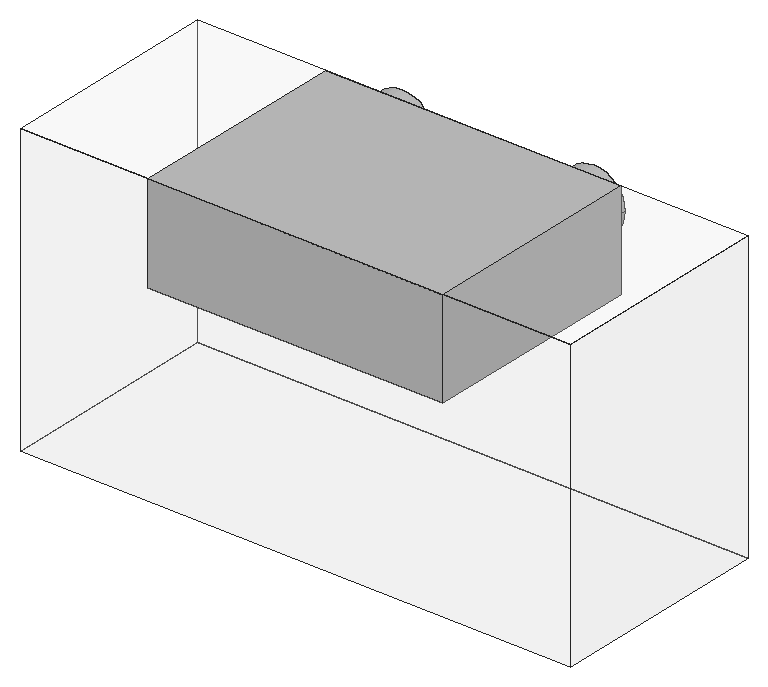
Revit family "sch-40_50exc_50Hz", category 機械設備, Revit 2019
Family settings
  丸型コネクタ寸法 = 直径を使用
  パーツ タイプ = 標準
  OmniClass 番号 = 23.75.10.34.21
  OmniClass タイトル = Heat Exchangers for Ventilation Air
  作業面ベース = いいえ
  常に垂直 = はい
  ロード時にボイドで切り取り = いいえ
  共有 = いいえ
  部屋計算ポイント = はい
Parameters (values of type "SCH-40EXC")
  騒音レベル(dB(A)) = 39
  風量 = 400.0 m³/h
  面風速 = 3.54 m/s
  電源種別 [instance] = "一般"
  電圧 = 100 V
  電動機出力 = 0 W
  集中コントローラ = ""
  運転質量 = 0.00 kg
  連動 [instance] = ""
  質量 = if(製品質量 > 運転質量, 製品質量, 運転質量) * 1.2  # 34.80 kg
  負荷分類 = 3_ファン類
  説明 = "学校用ロスナイ 天吊露出形"
  設計風量 = 0.0 m³/h
  設置方法 = "天吊露出形"
  記号 [instance] = ""
  製造元 = "三菱電機株式会社"
  製品質量 = 29.00 kg
  製品出荷対象 = "国内"
  製品リリース年月 = "2021/4/20"
  製品グループ = ""
  系統 [instance] = ""
  符号 = "HEU"
  積算_科目 = "1 空気調和設備"
  積算_拾い区分 [instance] = ""
  相 = 1
  盤記号 [instance] = ""
  発停方法 [instance] = "別売リモコン"
  特殊仕様 [instance] = ""
  火災停止 [instance] = ""
  温度交換効率 = 60.00%
  消費電力 = 134 W
  法定耐用年数 = "15"
  機外静圧_排気 = 40.0 Pa
  機外静圧 = 40.0 Pa
  極数 = 2
  材質 [instance] = ""
  本体マテリアル = none
  操作・制御方式 = ""
  操作・制御スイッチ = ""
  排気量 = 0.0 m³/h
  形式 = "天吊露出形"
  幹線記号 [instance] = ""
  対象室 [instance] = ""
  実風量 = 0.0 m³/h
  始動方式 [instance] = "直入"
  外気量 = 0.0 m³/h
  呼称 = "全熱交換ユニット"
  周波数 = 50 Hz
  天吊金具ピッチ2 = 495 mm
  天吊金具ピッチ1 = 845 mm
  天吊金具_D = 68 mm
  参照している仕様書等のバージョン = ""
  初期抵抗 = 0.0 Pa
  分類コード = "50052504100060"
  分類グループ = ""
  価格 = 434000
  企業コード = "108420"
  付属品_フィルター_還気 = ""
  付属品_フィルター = ""
  付属品 [instance] = ""
  仕様書バージョン = "Version1.0"
  モデル = "SCH-40EXC"
  メンテナンススペース = yes
  コメント [instance] = ""
  Keynote = ""
  エンタルピ交換効率_暖房 = 45.00%
  エンタルピ交換効率_冷房 = 40.00%
  Assembly Code = ""
  Width = 922 mm
  Version = ""
  Uniclass2015Version = "Systems v1.9"
  Uniclass2015Title = "Thermal wheels"
  Uniclass2015Code = "Pr_60_60_36_88"
  URL = "https://www.mitsubishielectric.co.jp/ldg/wink/ssl/displayProduct.do?pid=311791"
  SpecificationReference = ""
  SpecificationDescription = ""
  MID風量 = 200.0 m³/h
  MID静圧 = 10.0 Pa
  Duct_W = 150 mm
  SAサイズ_D = 0 mm
  Revision = ""
  RAサイズ_D = 0 mm
  ProductInformation = ""
  OmniClassCode = "23-27 23 19 11"
  OAサイズ_W = 0 mm
  OAサイズ_D = 192 mm
  MIN風量 = 155.0 m³/h
  MIN静圧 = 6.0 Pa
  MAX風量 = 400.0 m³/h
  MAX静圧 = 40.0 Pa
  IfcTypeProduct = ""
  IfcProduct = ""
  IfcExportType = "ROTARYWHEEL"
  IfcExportAs = "IfcAirToAirHeatRecoveryType"
  Height = 304 mm
  EAサイズ_W = 0 mm
  EAサイズ_D = 192 mm
  Duct_Pitch = 600 mm
  Duct_Height = 127.5 mm
  Duct_Depth = 85 mm
  Depth = 693 mm
  Clearance Top = 0 mm
  Clearance Left = 400 mm
  Clearance Right = 400 mm
  Clearance Bottom = 600 mm
  Author = "三菱電機株式会社"
Types (2, lengths in mm): name | 騒音レベル(dB(A)) | 風量 | 面風速 | 質量 | 製品質量 | 温度交換効率 | 消費電力 | 機外静圧_排気 | 機外静圧 | 天吊金具ピッチ2 | 価格 | モデル | エンタルピ交換効率_暖房 | エンタルピ交換効率_冷房 | URL | MID風量 | MID静圧 | MIN風量 | MIN静圧 | MAX風量 | MAX静圧 | Height | Duct_Height | Depth
  SCH-40EXC | 39 | 400.0 m³/h | 3.54 m/s | 34.80 kg | 29.00 kg | 60.00% | 134 W | 40.0 Pa | 40.0 Pa | 495 | 434000 | "SCH-40EXC" | 45.00% | 40.00% | "https://www.mitsubishielectric.co.jp/ldg/wink/ssl/displayProduct.do?pid=311791" | 200.0 m³/h | 10.0 Pa | 155.0 m³/h | 6.0 Pa | 400.0 m³/h | 40.0 Pa | 304 | 127.5 | 693
  SCH-50EXC | 39.5 | 500.0 m³/h | 4.42 m/s | 45.60 kg | 38.00 kg | 74.00% | 180 W | 60.0 Pa | 60.0 Pa | 710 | 514000 | "SCH-50EXC" | 62.00% | 58.00% | "https://www.mitsubishielectric.co.jp/ldg/wink/ssl/displayProduct.do?pid=311788" | 330.0 m³/h | 27.0 Pa | 175.0 m³/h | 7.5 Pa | 500.0 m³/h | 60.0 Pa | 338 | 135 | 900
Reference planes
  plane 1 "中心(正面/背面)": y = 0
  plane 2: z = 0
  plane 3 "中心(左/右)": x = 0
  plane 4: x = -461
  plane 5: x = 461
  plane 6: y = 346.5
  plane 7: y = -346.5
  plane 8: z = -304
  plane 9: z = -127.5
  plane 10: x = -289
  plane 11: x = 311
  plane 12: x = -861
  plane 13: x = -422.5
  plane 14: x = 422.5
  plane 15: y = 278.5
  plane 16: y = -216.5
  plane 17: x = -390.5
  plane 18: x = 390.5
  plane 19: y = 431.5
  plane 20: x = 861
  plane 21: z = 0
  plane 22: z = -904
Forms (mm)
  Extrusion 1, solid, material <- "本体マテリアル", detail levels fine
    sketch origin (0, 0, 0) x (1, 0, 0) y (0, 1, 0)
      loop
        line (-461, 346.5) -> (-461, -346.5) -> (461, -346.5) -> (461, 346.5) -> (-461, 346.5)
    from 0 to -304
  Extrusion 2, solid, material <- "本体マテリアル", detail levels fine
    sketch origin (510, -445, 0) x (-1, 0, 0) y (0, 0, -1)
      loop
        circle (199, 127.5) r 96
    from -791.5 to -876.5
  Extrusion 3, solid, material <- "本体マテリアル", detail levels fine
    sketch origin (-510, -445, 0) x (1, 0, 0) y (0, 0, 1)
      loop
        circle (221, -127.5) r 96
    from -791.5 to -876.5
Lines and regions (mm)
  Masking region 1, detail levels coarse+medium
    outline origin (1326.5, 29, 0) x (1, 0, 0) y (0, 1, 0)
      loop
        line (-1787.5, 317.5) -> (-1787.5, -375.5) -> (-865.5, -375.5) -> (-865.5, 317.5) -> (-1787.5, 317.5)
  symbolic lines, detail levels coarse+medium
    curve 1: line (0, 346.5, 0) -> (-461, 0, 0)
    curve 2: line (-461, 0, 0) -> (0, -346.5, 0)
    curve 3: line (0, -346.5, 0) -> (461, 0, 0)
    curve 4: line (461, 0, 0) -> (0, 346.5, 0)
Dimensions and locks
  equal spacing: plane 4, plane 3 "中心(左/右)", plane 5
  "Width": plane 4 to plane 5
  equal spacing: plane 6, plane 1 "中心(正面/背面)", plane 7
  "Depth": plane 6 to plane 7
  "Height": level to plane 8
  "Duct_Height": level to plane 9
  "Duct_Pitch": plane 11 to plane 10
  "Clearance Left": plane 12 to plane 4
  equal spacing: plane 13, plane 3 "中心(左/右)", plane 14
  "天吊金具ピッチ1": plane 13 to plane 14
  "天吊金具ピッチ2": plane 15 to plane 16
  "Duct_W": plane 5 to plane 11
  "天吊金具_D": plane 6 to plane 15
  "Clearance Right": plane 5 to plane 20
  "Clearance Top": level to plane 21
  "Duct_Depth": plane 6 to plane 19
  "Clearance Bottom": plane 8 to plane 22
  "OAサイズ_D": diameter of Extrusion 2 sketch curve
  "EAサイズ_D": diameter of Extrusion 3 sketch curve
  aligned and locked: level to plane 2
  aligned and locked: Extrusion 1 to plane 8
  aligned and locked: Masking region 1 to plane 4
  aligned and locked: plane 5 to Masking region 1
  aligned and locked: plane 6 to Masking region 1
  aligned and locked: Masking region 1 to plane 7
  aligned and locked: plane 14 to nested 1
  aligned and locked: plane 13 to nested 1
  aligned and locked: nested 1 to plane 16
  aligned and locked: plane 15 to nested 1
  aligned and locked: Extrusion 3 to plane 19
  aligned and locked: Extrusion 3 to plane 6
  aligned and locked: Extrusion 2 to Extrusion 3
  aligned and locked: Extrusion 2 to plane 6
  aligned and locked: plane 20 to nested 2
  aligned and locked: plane 12 to nested 2
  aligned and locked: nested 2 to plane 6
  aligned and locked: nested 2 to plane 7
  aligned and locked: nested 2 to plane 22
  aligned and locked: plane 21 to nested 2
Automatic sketch dimensions
  plane 1 "中心(正面/背面)" to curve 1 = 0 mm
  curve 1 to plane 4 = 0 mm
  curve 2 to plane 3 "中心(左/右)" = 0 mm
  curve 4 to plane 3 "中心(左/右)" = 0 mm
  plane 1 "中心(正面/背面)" to curve 4 = 0 mm
  curve 4 to plane 5 = 0 mm
  curve 2 to plane 7 = 0 mm
  curve 4 to plane 6 = 0 mm
  Extrusion 1 sketch curve to plane 4 = 0 mm
  Extrusion 1 sketch curve to plane 5 = 0 mm
  Extrusion 1 sketch curve to plane 7 = 0 mm
  Extrusion 1 sketch curve to plane 6 = 0 mm
  Extrusion 2 sketch curve to plane 9 = 0 mm
  Extrusion 2 sketch curve to plane 11 = 0 mm
  Masking region 1 sketch curve to plane 4 = 0 mm
  Masking region 1 sketch curve to plane 5 = 0 mm
  Masking region 1 sketch curve to plane 7 = 0 mm
  Masking region 1 sketch curve to plane 6 = 0 mm
  Extrusion 3 sketch curve to plane 9 = 0 mm
  Extrusion 3 sketch curve to plane 10 = 0 mm
Nested families
  nested 1: "固定点" at (-422.5, -216.5, 0), type "固定点"
    with W 845 mm, D 495 mm
  nested 2: "メンテナンススペース" at (0, 0, -452), visible <- "メンテナンススペース", type "メンテナンススペース"
    with Width 1722 mm, Height 904 mm, Depth 693 mm
Connectors
  hvac at (311, 431.5, -127.5), driven by "OAサイズ_D", driven by "機外静圧", driven by "風量"
    settings: on Extrusion 2, index 2, duct flow 400.0 m³/h, flow factor 0, pres drop 40.0 Pa, loss coef 0, conn angle 0.00°, conn width 304.8 mm, conn height 304.8 mm, conn diameter 192 mm, duct sys type 4, conn prof type 0, flow config 0, flow direction 1, loss method 4, conn ref index -1, conn util no, is conn primary yes, conn desc ""
  hvac at (-289, 431.5, -127.5), driven by "EAサイズ_D", driven by "風量", driven by "機外静圧"
    settings: on Extrusion 3, index 10, duct flow 400.0 m³/h, flow factor 0, pres drop 40.0 Pa, loss coef 0, conn angle 0.00°, conn width 304.8 mm, conn height 304.8 mm, conn diameter 192 mm, duct sys type 3, conn prof type 0, flow config 0, flow direction 2, loss method 4, conn ref index -1, conn util no, is conn primary no, conn desc ""
  electrical at (0, 0, -304), driven by "極数", driven by "負荷分類", driven by "電圧", driven by "消費電力"
    settings: on Extrusion 1, index 12, voltage 100 V, apparent load 134 VA, apparent load phase1 0 VA, apparent load phase2 0 VA, apparent load phase3 0 VA, power factor 1, load classification "3_ファン類", number of poles 2, system type 30, power factor state 1, is connector primary yes, connector utility no, sub classification motor no, connector description ""
Definition of nested family "メンテナンススペース"
  Parameters (values of type "メンテナンススペース")
    Width [instance] = 500 mm
    Height [instance] = 500 mm
    Depth [instance] = 500 mm
  Reference planes
    plane 1 "中心(正面/背面)": y = 0
    plane 2: z = 0
    plane 3 "中心(左/右)": x = 0
    plane 4: y = -250
    plane 5: x = 250
    plane 6: y = 250
    plane 7: x = -250
    plane 8: z = 250
    plane 9: z = -250
  Forms (mm)
    Extrusion 1, solid
      sketch origin (-638.939, 0, 72.39) x (1, 0, 0) y (0, 1, 0)
        loop
          line (388.939, 250) -> (388.939, -250) -> (888.939, -250) -> (888.939, 250) -> (388.939, 250)
      from -322.39 to 177.61
  Lines and regions (mm)
    symbolic lines
      curve 1: line (-250, 0, 250) -> (250, 0, 250)
      curve 2: line (-250, 0, -250) -> (-250, 0, 250)
      curve 3: line (250, 0, -250) -> (-250, 0, -250)
      curve 4: line (250, 0, 250) -> (250, 0, -250)
      curve 5: line (0, -250, 250) -> (0, 250, 250)
      curve 6: line (0, -250, -250) -> (0, -250, 250)
      curve 7: line (0, 250, -250) -> (0, -250, -250)
      curve 8: line (0, 250, 250) -> (0, 250, -250)
      curve 9: line (-250, 250, 0) -> (250, 250, 0)
      curve 10: line (-250, -250, 0) -> (-250, 250, 0)
      curve 11: line (250, -250, 0) -> (-250, -250, 0)
      curve 12: line (250, 250, 0) -> (250, -250, 0)
  Dimensions and locks
    equal spacing: plane 7, plane 3 "中心(左/右)", plane 5
    equal spacing: plane 4, plane 1 "中心(正面/背面)", plane 6
    "Depth": plane 4 to plane 6
    "Width": plane 7 to plane 5
    equal spacing: plane 8, plane 2, plane 9
    "Height": plane 8 to plane 9
    aligned and locked: plane 9 to curve 3
    aligned and locked: plane 7 to curve 2
    aligned and locked: curve 4 to plane 5
    aligned and locked: plane 5 to Extrusion 1
    aligned and locked: Extrusion 1 to plane 7
    aligned and locked: Extrusion 1 to plane 9
    aligned and locked: plane 8 to Extrusion 1
    aligned and locked: plane 9 to curve 7
  Automatic sketch dimensions
    plane 4 to Extrusion 1 sketch curve = 0 mm
    Extrusion 1 sketch curve to plane 7 = 0 mm
    Extrusion 1 sketch curve to plane 5 = 0 mm
    plane 6 to Extrusion 1 sketch curve = 0 mm
    curve 2 to plane 8 = 0 mm
    plane 4 to curve 11 = 0 mm
    curve 11 to plane 7 = 0 mm
    curve 11 to plane 5 = 0 mm
    plane 6 to curve 10 = 0 mm
    curve 7 to plane 4 = 0 mm
    curve 7 to plane 6 = 0 mm
    curve 6 to plane 8 = 0 mm
Definition of nested family "固定点"
  Parameters (values of type "固定点")
    中心円 = 20 mm
    W [instance] = 1000 mm
    D [instance] = 1000 mm
  Reference planes
    plane 1 "中心(正面/背面)": y = 0
    plane 2: z = 0
    plane 3 "中心(左/右)": x = 0
    plane 4: x = 1000
    plane 5: y = 1000
  Lines and regions (mm)
    symbolic lines, detail levels fine
      curve 1: circle (0, 1000, 0) r 10 normal (0, 0, 1)
      curve 2: circle (0, 0, 0) r 10 normal (0, 0, 1)
      curve 3: circle (1000, 1000, 0) r 10 normal (0, 0, 1)
      curve 4: circle (1000, 0, 0) r 10 normal (0, 0, 1)
      curve 5: line (-200, 1000, 0) -> (1200, 1000, 0)
      curve 6: line (-200, 0, 0) -> (1200, 0, 0)
      curve 7: line (0, 1200, 0) -> (0, -200, 0)
      curve 8: line (1000, 1200, 0) -> (1000, -200, 0)
  Dimensions and locks
    "W": plane 3 "中心(左/右)" to plane 4
    "D": plane 1 "中心(正面/背面)" to plane 5
    "中心円": diameter of curve 1
    "中心円": diameter of curve 2
    "中心円": diameter of curve 3
    "中心円": diameter of curve 4
    aligned and locked: level to plane 2
    aligned and locked: plane 5 to curve 1
    aligned and locked: plane 3 "中心(左/右)" to curve 1
    aligned and locked: plane 3 "中心(左/右)" to curve 2
    aligned and locked: plane 1 "中心(正面/背面)" to curve 2
    aligned and locked: plane 4 to curve 3
    aligned and locked: plane 5 to curve 3
    aligned and locked: plane 1 "中心(正面/背面)" to curve 4
    aligned and locked: plane 4 to curve 4
    aligned and locked: plane 1 "中心(正面/背面)" to curve 6
    aligned and locked: curve 7 to plane 3 "中心(左/右)"
    aligned and locked: curve 8 to plane 4
  Automatic sketch dimensions
    curve 5 to plane 5 = 0 mm
    curve 6 to plane 3 "中心(左/右)" = 200 mm
    curve 5 to plane 3 "中心(左/右)" = 200 mm
    curve 4 to curve 6 = 200 mm
    curve 3 to curve 5 = 200 mm
    plane 1 "中心(正面/背面)" to curve 8 = 200 mm
    plane 1 "中心(正面/背面)" to curve 7 = 200 mm
    curve 3 to curve 8 = 200 mm
    curve 1 to curve 7 = 200 mm
